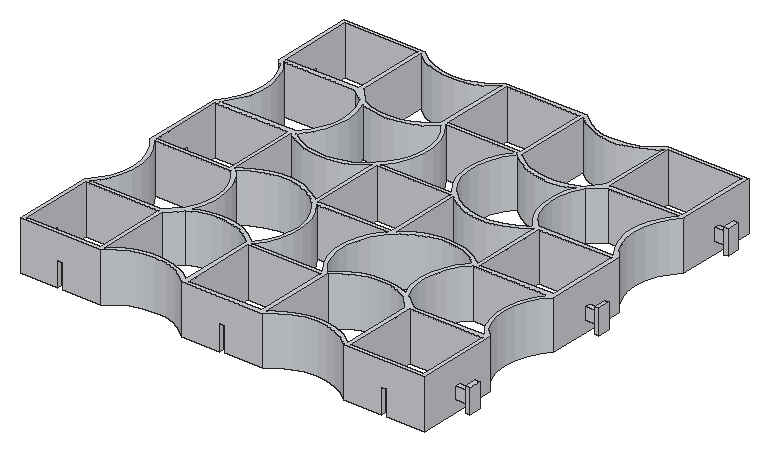
Revit family "E40", category Generic Models, Revit 2014
Parameters
  Model = "Ecoraster E40"
Reference planes
  plane 1 "Center (Front/Back)": y = 0
  plane 2: z = 0
  plane 3 "Center (Left/Right)": x = 0
  plane 4: y = 165
  plane 5: y = 297
  plane 6: y = 33
  plane 7: x = 33
  plane 8: x = 165
  plane 9: x = 297
  plane 10: y = 302
  plane 11: y = 292
  plane 12: y = 299
  plane 13: y = 295
Forms (mm)
  Extrusion 1, solid, detail levels fine
    sketch origin (0, 0, 0) x (1, 0, 0) y (0, 1, 0)
      loop
        line (66, 330) -> (0, 330) -> (0, 264)
        arc (0, 264) -> (13.669, 231) -> (0, 198) r 46.669
        line (0, 198) -> (0, 132)
        arc (0, 132) -> (13.669, 99) -> (0, 66) r 46.669
        line (0, 66) -> (0, 0) -> (66, 0)
        arc (66, 0) -> (99, 13.669) -> (132, 0) r 46.669
        line (132, 0) -> (198, 0)
        arc (198, 0) -> (231, 13.669) -> (264, 0) r 46.669
        line (264, 0) -> (330, 0) -> (330, 66)
        arc (330, 66) -> (316.331, 99) -> (330, 132) r 46.669
        line (330, 132) -> (330, 198)
        arc (330, 198) -> (316.331, 231) -> (330, 264) r 46.669
        line (330, 264) -> (330, 330) -> (264, 330)
        arc (264, 330) -> (231, 316.331) -> (198, 330) r 46.669
        line (198, 330) -> (132, 330)
        arc (132, 330) -> (99, 316.331) -> (66, 330) r 46.669
      loop
        line (3, 327) -> (3, 267) -> (63, 267) -> (63, 327) -> (3, 327)
      loop
        line (66, 325.878) -> (66, 268.122) -> (75.524, 256.665)
        arc (75.524, 256.665) -> (105.011, 250.72) -> (132, 264) r 46.669
        line (132, 264) -> (132, 325.878)
        arc (132, 325.878) -> (99, 313.331) -> (66, 325.878) r 49.669
      loop
        line (195, 327) -> (135, 327) -> (135, 267) -> (195, 267) -> (195, 327)
      loop
        line (198, 325.878) -> (198, 264)
        arc (198, 264) -> (224.989, 250.72) -> (254.476, 256.665) r 46.669
        line (254.476, 256.665) -> (264, 268.122) -> (264, 325.878)
        arc (264, 325.878) -> (231, 313.331) -> (198, 325.878) r 49.669
      loop
        line (327, 327) -> (267, 327) -> (267, 267) -> (327, 267) -> (327, 327)
      loop
        line (61.878, 264) -> (4.122, 264)
        arc (4.122, 264) -> (16.669, 231) -> (4.122, 198) r 49.669
        line (4.122, 198) -> (66, 198)
        arc (66, 198) -> (79.28, 224.989) -> (73.335, 254.476) r 46.669
        line (73.335, 254.476) -> (61.878, 264)
      loop
        arc (78.021, 251.979) -> (81.922, 222.416) -> (68.19, 195.947) r 49.669
        arc (68.19, 195.947) -> (132, 198) -> (134.053, 261.81) r 46.669
        arc (134.053, 261.81) -> (107.584, 248.078) -> (78.021, 251.979) r 49.669
      loop
        arc (136.122, 264) -> (148.669, 231) -> (136.122, 198) r 49.669
        line (136.122, 198) -> (193.878, 198)
        arc (193.878, 198) -> (181.331, 231) -> (193.878, 264) r 49.669
        line (193.878, 264) -> (136.122, 264)
      loop
        arc (195.947, 261.81) -> (198, 198) -> (261.81, 195.947) r 46.669
        arc (261.81, 195.947) -> (248.078, 222.416) -> (251.979, 251.979) r 49.669
        arc (251.979, 251.979) -> (222.416, 248.078) -> (195.947, 261.81) r 49.669
      loop
        line (268.122, 264) -> (256.665, 254.476)
        arc (256.665, 254.476) -> (250.72, 224.989) -> (264, 198) r 46.669
        line (264, 198) -> (325.878, 198)
        arc (325.878, 198) -> (313.331, 231) -> (325.878, 264) r 49.669
        line (325.878, 264) -> (268.122, 264)
      loop
        line (3, 195) -> (3, 135) -> (63, 135) -> (63, 195) -> (3, 195)
      loop
        line (66, 193.878) -> (66, 136.122)
        arc (66, 136.122) -> (99, 148.669) -> (132, 136.122) r 49.669
        line (132, 136.122) -> (132, 193.878)
        arc (132, 193.878) -> (99, 181.331) -> (66, 193.878) r 49.669
      loop
        line (195, 195) -> (135, 195) -> (135, 135) -> (195, 135) -> (195, 195)
      loop
        line (198, 193.878) -> (198, 136.122)
        arc (198, 136.122) -> (231, 148.669) -> (264, 136.122) r 49.669
        line (264, 136.122) -> (264, 193.878)
        arc (264, 193.878) -> (231, 181.331) -> (198, 193.878) r 49.669
      loop
        line (327, 195) -> (267, 195) -> (267, 135) -> (327, 135) -> (327, 195)
      loop
        line (66, 132) -> (4.122, 132)
        arc (4.122, 132) -> (16.669, 99) -> (4.122, 66) r 49.669
        line (4.122, 66) -> (61.878, 66) -> (73.335, 75.524)
        arc (73.335, 75.524) -> (79.28, 105.011) -> (66, 132) r 46.669
      loop
        arc (134.053, 68.19) -> (132, 132) -> (68.19, 134.053) r 46.669
        arc (68.19, 134.053) -> (81.922, 107.584) -> (78.021, 78.021) r 49.669
        arc (78.021, 78.021) -> (107.584, 81.922) -> (134.053, 68.19) r 49.669
      loop
        arc (136.122, 132) -> (148.669, 99) -> (136.122, 66) r 49.669
        line (136.122, 66) -> (193.878, 66)
        arc (193.878, 66) -> (181.331, 99) -> (193.878, 132) r 49.669
        line (193.878, 132) -> (136.122, 132)
      loop
        arc (261.81, 134.053) -> (198, 132) -> (195.947, 68.19) r 46.669
        arc (195.947, 68.19) -> (222.416, 81.922) -> (251.979, 78.021) r 49.669
        arc (251.979, 78.021) -> (248.078, 107.584) -> (261.81, 134.053) r 49.669
      loop
        arc (264, 132) -> (250.72, 105.011) -> (256.665, 75.524) r 46.669
        line (256.665, 75.524) -> (268.122, 66) -> (325.878, 66)
        arc (325.878, 66) -> (313.331, 99) -> (325.878, 132) r 49.669
        line (325.878, 132) -> (264, 132)
      loop
        line (63, 63) -> (3, 63) -> (3, 3) -> (63, 3) -> (63, 63)
      loop
        arc (132, 66) -> (105.011, 79.28) -> (75.524, 73.335) r 46.669
        line (75.524, 73.335) -> (66, 61.878) -> (66, 4.122)
        arc (66, 4.122) -> (99, 16.669) -> (132, 4.122) r 49.669
        line (132, 4.122) -> (132, 66)
      loop
        line (135, 63) -> (135, 3) -> (195, 3) -> (195, 63) -> (135, 63)
      loop
        arc (254.476, 73.335) -> (224.989, 79.28) -> (198, 66) r 46.669
        line (198, 66) -> (198, 4.122)
        arc (198, 4.122) -> (231, 16.669) -> (264, 4.122) r 49.669
        line (264, 4.122) -> (264, 61.878) -> (254.476, 73.335)
      loop
        line (267, 63) -> (267, 3) -> (327, 3) -> (327, 63) -> (267, 63)
    from 0 to 40
  Extrusion 2, solid, detail levels medium+fine
    sketch origin (0, 0, 0) x (1, 0, 0) y (0, 1, 0)
      loop
        line (330, 299) -> (330, 295) -> (340.742, 295) -> (340.742, 299) -> (330, 299)
    from 10 to 20
  Extrusion 3, solid, detail levels medium+fine
    sketch origin (0, 0, 0) x (1, 0, 0) y (0, 1, 0)
      loop
        line (340.742, 302) -> (340.742, 292) -> (344.123, 292) -> (344.123, 302) -> (340.742, 302)
    from 5 to 25
  Extrusion 4, solid, detail levels medium+fine
    sketch origin (0, -132, 0) x (1, 0, 0) y (0, 1, 0)
      loop
        line (330, 299) -> (330, 295) -> (340.742, 295) -> (340.742, 299) -> (330, 299)
    from 10 to 20
  Extrusion 5, solid, detail levels medium+fine
    sketch origin (0, -132, 0) x (1, 0, 0) y (0, 1, 0)
      loop
        line (340.742, 302) -> (340.742, 292) -> (344.123, 292) -> (344.123, 302) -> (340.742, 302)
    from 5 to 25
  Extrusion 6, solid, detail levels medium+fine
    sketch origin (0, -264, 0) x (1, 0, 0) y (0, 1, 0)
      loop
        line (330, 299) -> (330, 295) -> (340.742, 295) -> (340.742, 299) -> (330, 299)
    from 10 to 20
  Extrusion 7, solid, detail levels medium+fine
    sketch origin (0, -264, 0) x (1, 0, 0) y (0, 1, 0)
      loop
        line (340.742, 302) -> (340.742, 292) -> (344.123, 292) -> (344.123, 302) -> (340.742, 302)
    from 5 to 25
  Extrusion 8, solid, detail levels medium+fine
    sketch origin (594, 0, 0) x (0, 1, 0) y (-1, 0, 0)
      loop
        line (330, 299) -> (330, 295) -> (340.742, 295) -> (340.742, 299) -> (330, 299)
    from 10 to 20
  Extrusion 9, solid, detail levels medium+fine
    sketch origin (594, 0, 0) x (0, 1, 0) y (-1, 0, 0)
      loop
        line (340.742, 302) -> (340.742, 292) -> (344.123, 292) -> (344.123, 302) -> (340.742, 302)
    from 5 to 25
  Extrusion 10, solid, detail levels medium+fine
    sketch origin (462, 0, 0) x (0, 1, 0) y (-1, 0, 0)
      loop
        line (330, 299) -> (330, 295) -> (340.742, 295) -> (340.742, 299) -> (330, 299)
    from 10 to 20
  Extrusion 11, solid, detail levels medium+fine
    sketch origin (462, 0, 0) x (0, 1, 0) y (-1, 0, 0)
      loop
        line (340.742, 302) -> (340.742, 292) -> (344.123, 292) -> (344.123, 302) -> (340.742, 302)
    from 5 to 25
  Extrusion 12, solid, detail levels medium+fine
    sketch origin (330, 0, 0) x (0, 1, 0) y (-1, 0, 0)
      loop
        line (330, 299) -> (330, 295) -> (340.742, 295) -> (340.742, 299) -> (330, 299)
    from 10 to 20
  Extrusion 13, solid, detail levels medium+fine
    sketch origin (330, 0, 0) x (0, 1, 0) y (-1, 0, 0)
      loop
        line (340.742, 302) -> (340.742, 292) -> (344.123, 292) -> (344.123, 302) -> (340.742, 302)
    from 5 to 25
  Extrusion 14, void, detail levels fine
    sketch origin (0, 0, 0) x (1, 0, 0) y (0, 1, 0)
      loop
        line (0, 299) -> (0, 295) -> (3, 295) -> (3, 299) -> (0, 299)
    from 0 to 20
  Extrusion 15, void, detail levels fine
    sketch origin (0, -132, 0) x (1, 0, 0) y (0, 1, 0)
      loop
        line (0, 299) -> (0, 295) -> (3, 295) -> (3, 299) -> (0, 299)
    from 0 to 20
  Extrusion 16, void, detail levels fine
    sketch origin (0, -264, 0) x (1, 0, 0) y (0, 1, 0)
      loop
        line (0, 299) -> (0, 295) -> (3, 295) -> (3, 299) -> (0, 299)
    from 0 to 20
  Extrusion 17, void, detail levels fine
    sketch origin (-264, 3, 0) x (0, -1, 0) y (1, 0, 0)
      loop
        line (0, 299) -> (0, 295) -> (3, 295) -> (3, 299) -> (0, 299)
    from 0 to 20
  Extrusion 18, void, detail levels fine
    sketch origin (-132, 3, 0) x (0, -1, 0) y (1, 0, 0)
      loop
        line (0, 299) -> (0, 295) -> (3, 295) -> (3, 299) -> (0, 299)
    from 0 to 20
  Extrusion 19, void, detail levels fine
    sketch origin (0, 3, 0) x (0, -1, 0) y (1, 0, 0)
      loop
        line (0, 299) -> (0, 295) -> (3, 295) -> (3, 299) -> (0, 299)
    from 0 to 20
  Extrusion 20, solid, detail levels coarse+medium
    sketch origin (0, 0, 0) x (1, 0, 0) y (0, 1, 0)
      loop
        line (0, 330) -> (0, 0) -> (330, 0) -> (330, 330) -> (0, 330)
    from 0 to 40
  Extrusion 21, solid, detail levels coarse
    sketch origin (0, 0, 0) x (1, 0, 0) y (0, 1, 0)
      loop
        line (344.123, 28) -> (344.123, 302) -> (330, 302) -> (330, 28) -> (344.123, 28)
    from 5 to 25
  Extrusion 22, solid, detail levels coarse
    sketch origin (330, 0, 0) x (0, 1, 0) y (-1, 0, 0)
      loop
        line (344.123, 28) -> (344.123, 302) -> (330, 302) -> (330, 28) -> (344.123, 28)
    from 5 to 25
Cuts and joins
  Extrusion 14, Extrusion 15, Extrusion 16, Extrusion 17, Extrusion 18, Extrusion 19 cuts Extrusion 1
Lines and regions (mm)
  model lines, style "InvisibleLines"
    curve 1: arc (261.81, 134.053, 0) -> (198, 132, 0) -> (195.947, 68.19, 0) r 46.669
    curve 2: arc (264, 136.122, 0) -> (231, 148.669, 0) -> (198, 136.122, 0) r 49.669
    curve 3: arc (193.878, 132, 0) -> (181.331, 99, 0) -> (193.878, 66, 0) r 49.669
    curve 4: arc (264, 132, 0) -> (250.72, 105.011, 0) -> (256.665, 75.524, 0) r 46.669
    curve 5: arc (261.81, 134.053, 0) -> (248.078, 107.584, 0) -> (251.979, 78.021, 0) r 49.669
    curve 6: arc (254.476, 73.335, 0) -> (224.989, 79.28, 0) -> (198, 66, 0) r 46.669
    curve 7: arc (251.979, 78.021, 0) -> (222.416, 81.922, 0) -> (195.947, 68.19, 0) r 49.669
    curve 8: arc (330, 132, 0) -> (316.331, 99, 0) -> (330, 66, 0) r 46.669
    curve 9: arc (325.878, 132, 0) -> (313.331, 99, 0) -> (325.878, 66, 0) r 49.669
    curve 10: arc (264, 0, 0) -> (231, 13.669, 0) -> (198, 0, 0) r 46.669
    curve 11: arc (264, 4.122, 0) -> (231, 16.669, 0) -> (198, 4.122, 0) r 49.669
    curve 12: arc (134.053, 68.19, 0) -> (132, 132, 0) -> (68.19, 134.053, 0) r 46.669
    curve 13: arc (132, 136.122, 0) -> (99, 148.669, 0) -> (66, 136.122, 0) r 49.669
    curve 14: arc (136.122, 66, 0) -> (148.669, 99, 0) -> (136.122, 132, 0) r 49.669
    curve 15: arc (73.335, 75.524, 0) -> (79.28, 105.011, 0) -> (66, 132, 0) r 46.669
    curve 16: arc (78.021, 78.021, 0) -> (81.922, 107.584, 0) -> (68.19, 134.053, 0) r 49.669
    curve 17: arc (132, 66, 0) -> (105.011, 79.28, 0) -> (75.524, 73.335, 0) r 46.669
    curve 18: arc (134.053, 68.19, 0) -> (107.584, 81.922, 0) -> (78.021, 78.021, 0) r 49.669
    curve 19: arc (0, 66, 0) -> (13.669, 99, 0) -> (0, 132, 0) r 46.669
    curve 20: arc (4.122, 66, 0) -> (16.669, 99, 0) -> (4.122, 132, 0) r 49.669
    curve 21: arc (132, 0, 0) -> (99, 13.669, 0) -> (66, 0, 0) r 46.669
    curve 22: arc (132, 4.122, 0) -> (99, 16.669, 0) -> (66, 4.122, 0) r 49.669
    curve 23: arc (195.947, 261.81, 0) -> (198, 198, 0) -> (261.81, 195.947, 0) r 46.669
    curve 24: arc (198, 193.878, 0) -> (231, 181.331, 0) -> (264, 193.878, 0) r 49.669
    curve 25: arc (193.878, 264, 0) -> (181.331, 231, 0) -> (193.878, 198, 0) r 49.669
    curve 26: arc (256.665, 254.476, 0) -> (250.72, 224.989, 0) -> (264, 198, 0) r 46.669
    curve 27: arc (251.979, 251.979, 0) -> (248.078, 222.416, 0) -> (261.81, 195.947, 0) r 49.669
    curve 28: arc (198, 264, 0) -> (224.989, 250.72, 0) -> (254.476, 256.665, 0) r 46.669
    curve 29: arc (195.947, 261.81, 0) -> (222.416, 248.078, 0) -> (251.979, 251.979, 0) r 49.669
    curve 30: arc (330, 264, 0) -> (316.331, 231, 0) -> (330, 198, 0) r 46.669
    curve 31: arc (325.878, 264, 0) -> (313.331, 231, 0) -> (325.878, 198, 0) r 49.669
    curve 32: arc (198, 330, 0) -> (231, 316.331, 0) -> (264, 330, 0) r 46.669
    curve 33: arc (198, 325.878, 0) -> (231, 313.331, 0) -> (264, 325.878, 0) r 49.669
    curve 34: arc (68.19, 195.947, 0) -> (132, 198, 0) -> (134.053, 261.81, 0) r 46.669
    curve 35: arc (66, 193.878, 0) -> (99, 181.331, 0) -> (132, 193.878, 0) r 49.669
    curve 36: arc (136.122, 198, 0) -> (148.669, 231, 0) -> (136.122, 264, 0) r 49.669
    curve 37: arc (66, 198, 0) -> (79.28, 224.989, 0) -> (73.335, 254.476, 0) r 46.669
    curve 38: arc (68.19, 195.947, 0) -> (81.922, 222.416, 0) -> (78.021, 251.979, 0) r 49.669
    curve 39: arc (75.524, 256.665, 0) -> (105.011, 250.72, 0) -> (132, 264, 0) r 46.669
    curve 40: arc (78.021, 251.979, 0) -> (107.584, 248.078, 0) -> (134.053, 261.81, 0) r 49.669
    curve 41: arc (0, 198, 0) -> (13.669, 231, 0) -> (0, 264, 0) r 46.669
    curve 42: arc (4.122, 198, 0) -> (16.669, 231, 0) -> (4.122, 264, 0) r 49.669
    curve 43: arc (66, 330, 0) -> (99, 316.331, 0) -> (132, 330, 0) r 46.669
    curve 44: arc (66, 325.878, 0) -> (99, 313.331, 0) -> (132, 325.878, 0) r 49.669
    curve 45: line (132, 0, 0) -> (198, 0, 0)
    curve 46: line (264, 0, 0) -> (330, 0, 0)
    curve 47: line (330, 0, 0) -> (330, 66, 0)
    curve 48: line (136.122, 66, 0) -> (193.878, 66, 0)
    curve 49: line (195, 63, 0) -> (195, 3, 0)
    curve 50: line (195, 3, 0) -> (135, 3, 0)
    curve 51: line (135, 3, 0) -> (135, 63, 0)
    curve 52: line (135, 63, 0) -> (195, 63, 0)
    curve 53: line (256.665, 75.524, 0) -> (268.122, 66, 0)
    curve 54: line (268.122, 66, 0) -> (325.878, 66, 0)
    curve 55: line (327, 63, 0) -> (327, 3, 0)
    curve 56: line (327, 3, 0) -> (267, 3, 0)
    curve 57: line (267, 3, 0) -> (267, 63, 0)
    curve 58: line (267, 63, 0) -> (327, 63, 0)
    curve 59: line (136.122, 132, 0) -> (193.878, 132, 0)
    curve 60: line (195, 195, 0) -> (135, 195, 0)
    curve 61: line (135, 195, 0) -> (135, 135, 0)
    curve 62: line (135, 135, 0) -> (195, 135, 0)
    curve 63: line (195, 135, 0) -> (195, 195, 0)
    curve 64: line (264, 132, 0) -> (325.878, 132, 0)
    curve 65: line (327, 195, 0) -> (267, 195, 0)
    curve 66: line (267, 195, 0) -> (267, 135, 0)
    curve 67: line (267, 135, 0) -> (327, 135, 0)
    curve 68: line (327, 135, 0) -> (327, 195, 0)
    curve 69: line (330, 132, 0) -> (330, 198, 0)
    curve 70: line (264, 4.122, 0) -> (264, 61.878, 0)
    curve 71: line (264, 61.878, 0) -> (254.476, 73.335, 0)
    curve 72: line (264, 136.122, 0) -> (264, 193.878, 0)
    curve 73: line (198, 4.122, 0) -> (198, 66, 0)
    curve 74: line (198, 136.122, 0) -> (198, 193.878, 0)
    curve 75: line (66, 0, 0) -> (0, 0, 0)
    curve 76: line (0, 0, 0) -> (0, 66, 0)
    curve 77: line (73.335, 75.524, 0) -> (61.878, 66, 0)
    curve 78: line (61.878, 66, 0) -> (4.122, 66, 0)
    curve 79: line (3, 63, 0) -> (3, 3, 0)
    curve 80: line (3, 3, 0) -> (63, 3, 0)
    curve 81: line (63, 3, 0) -> (63, 63, 0)
    curve 82: line (63, 63, 0) -> (3, 63, 0)
    curve 83: line (66, 132, 0) -> (4.122, 132, 0)
    curve 84: line (3, 195, 0) -> (63, 195, 0)
    curve 85: line (63, 195, 0) -> (63, 135, 0)
    curve 86: line (63, 135, 0) -> (3, 135, 0)
    curve 87: line (3, 135, 0) -> (3, 195, 0)
    curve 88: line (0, 132, 0) -> (0, 198, 0)
    curve 89: line (66, 4.122, 0) -> (66, 61.878, 0)
    curve 90: line (66, 61.878, 0) -> (75.524, 73.335, 0)
    curve 91: line (66, 136.122, 0) -> (66, 193.878, 0)
    curve 92: line (132, 4.122, 0) -> (132, 66, 0)
    curve 93: line (132, 136.122, 0) -> (132, 193.878, 0)
    curve 94: line (132, 330, 0) -> (198, 330, 0)
    curve 95: line (264, 330, 0) -> (330, 330, 0)
    curve 96: line (330, 330, 0) -> (330, 264, 0)
    curve 97: line (136.122, 264, 0) -> (193.878, 264, 0)
    curve 98: line (195, 267, 0) -> (195, 327, 0)
    curve 99: line (195, 327, 0) -> (135, 327, 0)
    curve 100: line (135, 327, 0) -> (135, 267, 0)
    curve 101: line (135, 267, 0) -> (195, 267, 0)
    curve 102: line (256.665, 254.476, 0) -> (268.122, 264, 0)
    curve 103: line (268.122, 264, 0) -> (325.878, 264, 0)
    curve 104: line (327, 267, 0) -> (327, 327, 0)
    curve 105: line (327, 327, 0) -> (267, 327, 0)
    curve 106: line (267, 327, 0) -> (267, 267, 0)
    curve 107: line (267, 267, 0) -> (327, 267, 0)
    curve 108: line (136.122, 198, 0) -> (193.878, 198, 0)
    curve 109: line (264, 198, 0) -> (325.878, 198, 0)
    curve 110: line (264, 325.878, 0) -> (264, 268.122, 0)
    curve 111: line (264, 268.122, 0) -> (254.476, 256.665, 0)
    curve 112: line (198, 325.878, 0) -> (198, 264, 0)
    curve 113: line (66, 330, 0) -> (0, 330, 0)
    curve 114: line (0, 330, 0) -> (0, 264, 0)
    curve 115: line (73.335, 254.476, 0) -> (61.878, 264, 0)
    curve 116: line (61.878, 264, 0) -> (4.122, 264, 0)
    curve 117: line (3, 267, 0) -> (3, 327, 0)
    curve 118: line (3, 327, 0) -> (63, 327, 0)
    curve 119: line (63, 327, 0) -> (63, 267, 0)
    curve 120: line (63, 267, 0) -> (3, 267, 0)
    curve 121: line (66, 198, 0) -> (4.122, 198, 0)
    curve 122: line (66, 325.878, 0) -> (66, 268.122, 0)
    curve 123: line (66, 268.122, 0) -> (75.524, 256.665, 0)
    curve 124: line (132, 325.878, 0) -> (132, 264, 0)
Dimensions and locks
  aligned and locked: Extrusion 2 sketch curve to plane 12
  aligned and locked: Extrusion 2 sketch curve to curve 96
  aligned and locked: plane 13 to Extrusion 2 sketch curve
  aligned and locked: Extrusion 2 to Extrusion 3
  aligned and locked: Extrusion 4 to Extrusion 5  (x2)
  aligned and locked: Extrusion 6 to Extrusion 7  (x2)
  aligned and locked: Extrusion 4 to Extrusion 1
  aligned and locked: Extrusion 6 to Extrusion 1
  aligned and locked: Extrusion 9 to Extrusion 8  (x2)
  aligned and locked: Extrusion 11 to Extrusion 10  (x2)
  aligned and locked: Extrusion 13 to Extrusion 12  (x2)
  aligned and locked: Extrusion 8 to Extrusion 1
  aligned and locked: Extrusion 8 to Extrusion 9
  aligned and locked: Extrusion 10 to Extrusion 1
  aligned and locked: Extrusion 10 to Extrusion 11
  aligned and locked: Extrusion 12 to Extrusion 1
  aligned and locked: Extrusion 12 to Extrusion 13
  aligned and locked: Extrusion 14 sketch curve to plane 12
  aligned and locked: plane 3 "Center (Left/Right)" to Extrusion 14 sketch curve
  aligned and locked: plane 13 to Extrusion 14 sketch curve
  aligned and locked: Extrusion 14 sketch curve to curve 117
  aligned and locked: Extrusion 20 to cut or joined group of Extrusion 1, Extrusion 14, Extrusion 15, Extrusion 16, Extrusion 17, Extrusion 18, Extrusion 19
